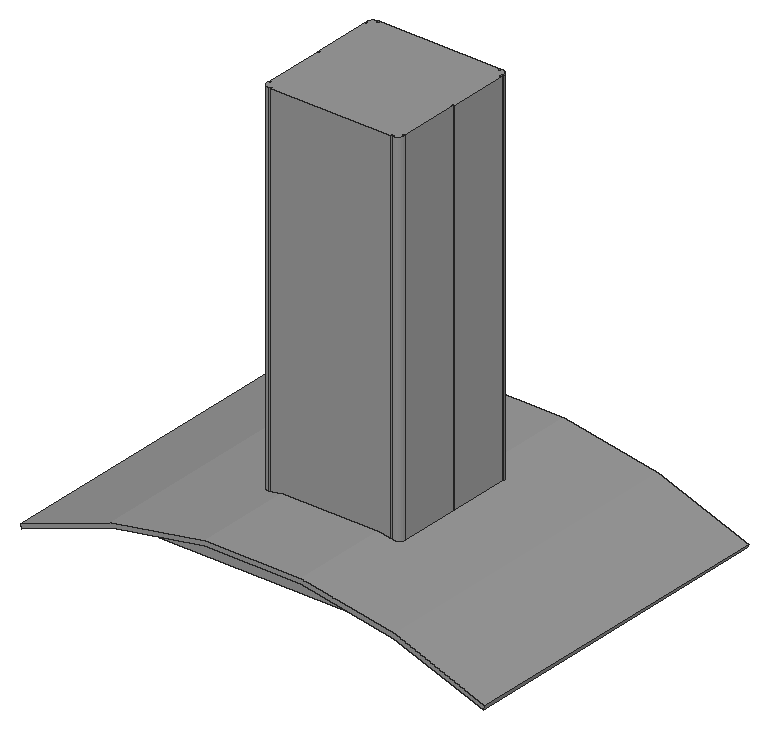
Revit family "Island_rangehood_ceiling_mounted_18171", category Специальное оборудование, Revit 2016
Family settings
  Тип детали = Нормальный
  Размер круглого соединителя = Использовать диаметр
  Номер OmniClass = 23.40.00.00
  Заголовок OmniClass = Equipment and Furnishings
  На основе рабочей плоскости = Да
  Всегда вертикально = Да
  При загрузке вырезать с полостями = Нет
  Общий = Нет
  Точка расчета площади = Нет
Parameters
  Default Elevation = 4' - 0"
  hood top to ceiling = 8' - 0"
  hood = 5' - 6"
Reference planes (in)
  plane 1 "Center (Front/Back)": y = 0
  plane 2: z = 0
  plane 3 "Center (Left/Right)": x = 0
  plane 4 "bot of hood": z = 66
Forms (in)
  Extrusion 1, solid, material "Stainless Steel AISI 304"
    sketch origin (0, 0, 66) x (-1, 0, 0) y (0, -1, 0)
      loop
        line (4.375, -5) -> (4.375, -4.875) -> (4.5, -4.875) -> (4.5, -5)
        arc (4.5, -5) -> (4.85355, -4.85355) -> (5, -4.5) r 0.5
        line (5, -4.5) -> (4.875, -4.5) -> (4.875, -4.375) -> (5, -4.375) -> (5, -0.0625) -> (4.875, -0.0625) -> (4.875, 0.0625) -> (5, 0.0625) -> (5, 4.375) -> (4.875, 4.375) -> (4.875, 4.5) -> (5, 4.5)
        arc (5, 4.5) -> (4.85355, 4.85355) -> (4.5, 5) r 0.5
        line (4.5, 5) -> (4.5, 4.875) -> (4.375, 4.875) -> (4.375, 5) -> (-4.375, 5) -> (-4.375, 4.875) -> (-4.5, 4.875) -> (-4.5, 5)
        arc (-4.5, 5) -> (-4.85355, 4.85355) -> (-5, 4.5) r 0.5
        line (-5, 4.5) -> (-4.875, 4.5) -> (-4.875, 4.375) -> (-5, 4.375) -> (-5, 0.0625) -> (-4.875, 0.0625) -> (-4.875, -0.0625) -> (-5, -0.0625) -> (-5, -4.375) -> (-4.875, -4.375) -> (-4.875, -4.5) -> (-5, -4.5)
        arc (-5, -4.5) -> (-4.85355, -4.85355) -> (-4.5, -5) r 0.5
        line (-4.5, -5) -> (-4.5, -4.875) -> (-4.375, -4.875) -> (-4.375, -5) -> (4.375, -5)
    from 3.2984 to 30
  Sweep 2, solid, material "Glass, Clear Glazing(1)"
    path origin (0, 0, 0) x (1, 0, 0) y (0, 1, 0)
      loop
        line (0, 11.89166) -> (0, -12.10834)
    profile origin (0, -0.10834, 0) x (1, 0, 0) y (0, 0, 1)
      loop
        arc (-16.83942, 66) -> (0, 69.69549) -> (16.83942, 66) r 40.21424
        line (16.83942, 66) -> (16.97028, 66.28378)
        arc (16.97028, 66.28378) -> (0, 70.00799) -> (-16.97028, 66.28378) r 40.52674
        line (-16.97028, 66.28378) -> (-16.83942, 66)
  Sweep 3, solid, material "Stainless Steel AISI 304"
    path origin (0, 0, 0) x (1, 0, 0) y (0, 1, 0)
      loop
        line (0, 8.74308) -> (0, -8.75)
    profile origin (0, -0.00346, 0) x (1, 0, 0) y (0, 0, 1)
      loop
        line (-9.5, 66.5) -> (9.5, 66.5) -> (10.12438, 68.40017)
        arc (10.12438, 68.40017) -> (0, 69.69549) -> (-10.12438, 68.40017) r 40.21424
        line (-10.12438, 68.40017) -> (-9.5, 66.5)
  Sweep 4, void
    path origin (0, 0, 0) x (1, 0, 0) y (0, 0, 1)
      loop
        line (0, 66.5) -> (0, 67.25)
    profile origin (0, 0, 66.875) x (-1, 0, 0) y (0, -1, 0)
      loop
        line (9, -8.24308) -> (9, 8.25) -> (-9, 8.25) -> (-9, -8.24308) -> (9, -8.24308)
  Sweep 5, solid, material "Glass, Matte"
    path origin (0, 0, 0) x (1, 0, 0) y (0, 1, 0)
      loop
        line (-5.75, -8.75) -> (-5.75, -9)
    profile origin (-5.75, -8.875, 0) x (1, 0, 0) y (0, 0, 1)
      loop
        line (8.25, 67.88564) -> (8.25, 67.38564) -> (8.75, 67.38564) -> (8.75, 67.88564) -> (8.25, 67.88564)
      loop
        line (7.31383, 67.88564) -> (7.31383, 67.38564) -> (7.81383, 67.38564) -> (7.81383, 67.88564) -> (7.31383, 67.88564)
  Sweep 6, solid, material "Plaster"
    path origin (0, 0, -0.25) x (1, 0, 0) y (0, 0, 1)
      loop
        line (-0.88853, 67.25) -> (-0.88853, 66.75)
    profile origin (-0.88853, 0, 66.75) x (0, -1, 0) y (1, 0, 0)
      loop
        line (-7.99308, -5.11147) -> (8, -5.11147) -> (8, 6.88853) -> (-7.99308, 6.88853) -> (-7.99308, -5.11147)
  Sweep 7, solid, material "Glass, Frosted, High Luminance"
    path origin (0, 0, 0) x (1, 0, 0) y (0, 0, 1)
      loop
        line (-7.5, 66.5) -> (-7.5, 66.75)
    profile origin (-7.5, 0, 66.625) x (-1, 0, 0) y (0, -1, 0)
      loop
        circle (0, -6.55978) r 0.75
      loop
        circle (0, 6.55978) r 0.75
      loop
        circle (-15, 6.55978) r 0.75
      loop
        circle (-15, -6.55978) r 0.75
  Sweep 8, solid, material "Stainless Steel AISI 304"
    path origin (0, 0, 0) x (1, 0, 0) y (0, 0, 1)
      loop
        line (-8.61107, 66.5) -> (-8.61107, 67.25)
    profile origin (-8.61107, 0, 66.875) x (-1, 0, 0) y (0, -1, 0)
      loop
        line (0.13893, -7.99308) -> (0.13893, 8) -> (-2.36107, 8) -> (-2.36107, -7.99308) -> (0.13893, -7.99308)
      loop
        circle (-1.11107, -6.55978) r 0.91196
      loop
        circle (-1.11107, 6.55978) r 0.91196
  Sweep 9, solid, material "Stainless Steel AISI 304"
    path origin (0, 0, 0) x (-1, 0, 0) y (0, 0, 1)
      loop
        line (-8.61107, 66.5) -> (-8.61107, 67.25)
    profile origin (8.61107, 0, 66.875) x (-1, 0, 0) y (0, -1, 0)
      loop
        line (-0.13893, -7.99308) -> (2.36107, -7.99308) -> (2.36107, 8) -> (-0.13893, 8) -> (-0.13893, -7.99308)
      loop
        circle (1.11107, -6.55978) r 0.91196
      loop
        circle (1.11107, 6.55978) r 0.91196
  Sweep 10, solid, material "Stainless Steel AISI 304"
    path origin (0, 0, 0) x (1, 0, 0) y (0, 1, 0)
      loop
        line (9.43282, 0.0623) -> (9.43282, -0.0623)
    profile origin (9.43282, 0, 0) x (1, 0, 0) y (0, 0, 1)
      loop
        line (-19.5572, 68.40017) -> (-18.93282, 66.5) -> (-18.43282, 66.5) -> (-18.43282, 66.625) -> (-18.84231, 66.625) -> (-19.43844, 68.43919) -> (-19.5572, 68.40017)
      loop
        line (0.69157, 68.40017) -> (0.57281, 68.43919) -> (-0.02332, 66.625) -> (-0.43282, 66.625) -> (-0.43282, 66.5) -> (0.06718, 66.5) -> (0.69157, 68.40017)
  Sweep 11, solid, material "Glass, Matte"
    path origin (0, 0, 0) x (-1, 0, 0) y (0, 1, 0)
      loop
        line (-5.75, -8.75) -> (-5.75, -9)
    profile origin (5.75, -8.875, 0) x (1, 0, 0) y (0, 0, 1)
      loop
        line (-8.75, 67.88564) -> (-8.75, 67.38564) -> (-4.65969, 67.38564) -> (-4.65969, 67.88564) -> (-8.75, 67.88564)
Cuts and joins
  Sweep 4 cuts Sweep 3
  Sweep 4 cuts Sweep 2
Lines and regions (in)
  reference lines
    curve 1: arc (-16.83942, 0, 66) -> (0, 0, 69.69549) -> (16.83942, 0, 66) r 40.21424
Dimensions and locks (in)
  locked: Sweep 3 to plane 4 "bot of hood" at 0.5
  locked: Extrusion 1 to plane 4 "bot of hood" at 3.2984
  "hood": plane 4 "bot of hood" to level
  locked: plane 3 "Center (Left/Right)" to curve 1 at 16.83942
  locked: curve 1 to plane 3 "Center (Left/Right)" at 16.83942
  locked: curve 1 to plane 4 "bot of hood" at 3.69549
  locked: Sweep 2 sketch curve to Sweep 2 sketch curve at 0.3125
  "hood top to ceiling": Extrusion 1 to level
  aligned and locked: level to plane 2
  aligned and locked: Sweep 2 sketch curve to curve 1
Automatic sketch dimensions
  plane 3 "Center (Left/Right)" to Extrusion 1 sketch curve = 0' - 5"  (x2)
  Extrusion 1 sketch curve to Extrusion 1 sketch curve = 0' - 0"  (x4)
  Extrusion 1 sketch curve to plane 1 "Center (Front/Back)" = 0' - 0 1/16"  (x2)
  Extrusion 1 sketch curve to Extrusion 1 sketch curve = 0' - 0 1/8"  (x19)
  Extrusion 1 sketch curve to Extrusion 1 sketch curve = 0' - 0 3/8"  (x5)
  Extrusion 1 sketch curve to plane 3 "Center (Left/Right)" = 0' - 4 3/8"  (x2)
  plane 1 "Center (Front/Back)" to Extrusion 1 sketch curve = 0' - 0 1/16"  (x2)
  Extrusion 1 sketch curve to Extrusion 1 sketch curve = 0' - 4 5/16"  (x4)
  Sweep 2 sketch curve to plane 3 "Center (Left/Right)" = 0' - 0"
  plane 1 "Center (Front/Back)" to Sweep 2 sketch curve = 1' - 0.10834"
  Sweep 2 sketch curve to plane 1 "Center (Front/Back)" = 0' - 11.89166"
  Sweep 2 sketch curve to Sweep 2 sketch curve = 0' - 0"  (x2)
  profile plane to Sweep 2 sketch curve = 1' - 4.83942"
  Sweep 2 sketch curve to Sweep 2 sketch curve = 0' - 0.13086"  (x2)
  Sweep 2 sketch curve to profile plane = 1' - 4.83942"
  Sweep 3 sketch curve to plane 3 "Center (Left/Right)" = 0' - 0"
  plane 1 "Center (Front/Back)" to Sweep 3 sketch curve = 0' - 8 3/4"
  Sweep 3 sketch curve to plane 1 "Center (Front/Back)" = 0' - 8.74308"
  profile plane to Sweep 3 sketch curve = 0' - 0"
  profile plane to Sweep 3 sketch curve = 0' - 9 1/2"
  Sweep 3 sketch curve to Sweep 3 sketch curve = 0' - 0.62438"  (x2)
  Sweep 3 sketch curve to profile plane = 0' - 9 1/2"
  level to Sweep 3 sketch curve = 2' - 5.48126"
  Sweep 3 sketch curve to Sweep 3 sketch curve = 3' - 1.01874"
  Sweep 3 sketch curve to Sweep 3 sketch curve = 0' - 1.90017"
  curve 1 to plane 3 "Center (Left/Right)" = 0' - 0"
  curve 1 to plane 4 "bot of hood" = 0' - 0"
  Sweep 4 sketch curve to plane 3 "Center (Left/Right)" = 0' - 0"
  plane 4 "bot of hood" to Sweep 4 sketch curve = 0' - 0 1/2"
  Sweep 4 sketch curve to Sweep 4 sketch curve = 0' - 0 3/4"
  profile plane to Sweep 4 sketch curve = 0' - 9"
  Sweep 4 sketch curve to profile plane = 0' - 9"
  Sweep 4 sketch curve to plane 1 "Center (Front/Back)" = 0' - 8.24308"
  plane 1 "Center (Front/Back)" to Sweep 4 sketch curve = 0' - 8 1/4"
  Sweep 5 sketch curve to plane 3 "Center (Left/Right)" = 0' - 5 3/4"
  plane 1 "Center (Front/Back)" to Sweep 5 sketch curve = 0' - 9"
  Sweep 5 sketch curve to Sweep 5 sketch curve = 0' - 0 1/4"
  Sweep 5 sketch curve to profile plane = 0' - 7.31383"
  Sweep 5 sketch curve to Sweep 5 sketch curve = 0' - 0 1/2"  (x3)
  Sweep 5 sketch curve to Sweep 5 sketch curve = 0' - 0.43617"
  level to Sweep 5 sketch curve = 5' - 7.38564"
  Sweep 5 sketch curve to Sweep 5 sketch curve = 0' - 0"  (x2)
  Sweep 6 sketch curve to plane 3 "Center (Left/Right)" = 0' - 0.88853"
  plane 4 "bot of hood" to Sweep 6 sketch curve = 0' - 0 1/2"
  Sweep 6 sketch curve to Sweep 6 sketch curve = 0' - 0 1/2"
  Sweep 6 sketch curve to plane 1 "Center (Front/Back)" = 0' - 7.99308"
  plane 1 "Center (Front/Back)" to Sweep 6 sketch curve = 0' - 8"
  profile plane to Sweep 6 sketch curve = 0' - 5.11147"
  Sweep 6 sketch curve to profile plane = 0' - 6.88853"
  plane 4 "bot of hood" to Sweep 7 sketch curve = 0' - 0 3/4"
  Sweep 7 sketch curve to plane 3 "Center (Left/Right)" = 0' - 7 1/2"
  Sweep 7 sketch curve to Sweep 7 sketch curve = 0' - 0 1/4"
  Sweep 7 sketch curve to profile plane = 0' - 0"  (x2)
  Sweep 7 sketch curve to plane 1 "Center (Front/Back)" = 0' - 6.55978"  (x2)
  profile plane to Sweep 7 sketch curve = 1' - 3"
  Sweep 7 sketch curve to Sweep 7 sketch curve = 0' - 0"
  plane 1 "Center (Front/Back)" to Sweep 7 sketch curve = 0' - 6.55978"  (x2)
  plane 4 "bot of hood" to Sweep 8 sketch curve = 0' - 1 1/4"
  Sweep 8 sketch curve to plane 3 "Center (Left/Right)" = 0' - 8.61107"
  plane 4 "bot of hood" to Sweep 8 sketch curve = 0' - 0 1/2"
  profile plane to Sweep 8 sketch curve = 0' - 2.36107"
  profile plane to Sweep 8 sketch curve = 0' - 1.11107"  (x2)
  Sweep 8 sketch curve to profile plane = 0' - 0.13893"
  Sweep 8 sketch curve to plane 1 "Center (Front/Back)" = 0' - 7.99308"
  Sweep 8 sketch curve to Sweep 8 sketch curve = 0' - 1.4333"
  plane 1 "Center (Front/Back)" to Sweep 8 sketch curve = 0' - 6.55978"
  Sweep 8 sketch curve to Sweep 8 sketch curve = 0' - 1.44022"
  Sweep 9 sketch curve to plane 4 "bot of hood" = 0' - 1 1/4"
  Sweep 9 sketch curve to plane 3 "Center (Left/Right)" = 0' - 8.61107"
  Sweep 9 sketch curve to plane 4 "bot of hood" = 0' - 0 1/2"
  profile plane to Sweep 9 sketch curve = 0' - 0.13893"
  Sweep 9 sketch curve to profile plane = 0' - 1.11107"  (x2)
  Sweep 9 sketch curve to Sweep 9 sketch curve = 0' - 1 1/4"
  Sweep 9 sketch curve to plane 1 "Center (Front/Back)" = 0' - 7.99308"
  Sweep 9 sketch curve to Sweep 9 sketch curve = 0' - 1.4333"
  plane 1 "Center (Front/Back)" to Sweep 9 sketch curve = 0' - 6.55978"
  Sweep 9 sketch curve to Sweep 9 sketch curve = 0' - 1.44022"
  plane 1 "Center (Front/Back)" to Sweep 10 sketch curve = 0' - 0.0623"
  plane 3 "Center (Left/Right)" to Sweep 10 sketch curve = 0' - 9.43282"
  Sweep 10 sketch curve to plane 1 "Center (Front/Back)" = 0' - 0.0623"
  profile plane to Sweep 10 sketch curve = 1' - 7.5572"
  Sweep 10 sketch curve to Sweep 10 sketch curve = 0' - 0.11875"  (x2)
  Sweep 10 sketch curve to Sweep 10 sketch curve = 0' - 0.62438"
  Sweep 10 sketch curve to Sweep 10 sketch curve = 0' - 0.0905"
  Sweep 10 sketch curve to Sweep 10 sketch curve = 0' - 0.4095"
  profile plane to Sweep 10 sketch curve = 0' - 0.43282"
  profile plane to Sweep 10 sketch curve = 0' - 0.02332"
  Sweep 10 sketch curve to profile plane = 0' - 0.06718"
  Sweep 10 sketch curve to profile plane = 0' - 0.57281"
  level to Sweep 10 sketch curve = 5' - 6 1/2"
  Sweep 10 sketch curve to Sweep 10 sketch curve = 0' - 0"
  Sweep 10 sketch curve to Sweep 10 sketch curve = 0' - 0 1/8"  (x2)
  Sweep 11 sketch curve to plane 3 "Center (Left/Right)" = 0' - 5 3/4"
  Sweep 11 sketch curve to plane 1 "Center (Front/Back)" = 0' - 9"
  Sweep 11 sketch curve to Sweep 11 sketch curve = 0' - 0 1/4"
  Sweep 11 sketch curve to Sweep 11 sketch curve = 0' - 4.09031"
  level to Sweep 11 sketch curve = 5' - 7.38564"
  profile plane to Sweep 11 sketch curve = 0' - 8 3/4"
  Sweep 11 sketch curve to Sweep 11 sketch curve = 0' - 0 1/2"
  radius of Sweep 7 sketch curve = 0' - 0 3/4"  (x4)
  radius of Sweep 8 sketch curve = 0' - 0.91196"  (x2)
  radius of Sweep 9 sketch curve = 0' - 0.91196"  (x2)
Nested families (in)
  nested 1: "hood Light" at (0, 0, -30), type "120V", not visible
Definition of nested family "hood Light"
  Parameters
    Wattage Comments = "100"
    Wattage = 100 W
    built-in parameter 1150110 = 1 (stored number, unit not read)
    built-in parameter 1114217 = 1 (stored number, unit not read)
    Tilt Angle = 60.00°
    built-in parameter 1150109 = 1 (stored number, unit not read)
    built-in parameter 1150134 = 12
    built-in parameter 1150113 = 1 (stored number, unit not read)
    built-in parameter 1010507 = 1.5708 (stored number, unit not read)
    built-in parameter 1010506 = 0.5236 (stored number, unit not read)
    built-in parameter 1150115 = 1 (stored number, unit not read)
    built-in parameter 1150105 = 23772.8 (stored number, unit not read)
    Light Source Symbol Length = 10' - 0"
    built-in parameter 1150137 = 1
    built-in parameter 1150139 = (empty or 0)
    built-in parameter 1150112 = 1 (stored number, unit not read)
    built-in parameter 1150114 = 1 (stored number, unit not read)
    built-in parameter 1150132 = (empty or 0)
    built-in parameter 1150102 = (empty or 0)
    built-in parameter 1150138 = (empty or 0)
    built-in parameter 1150107 = 4000 (stored number, unit not read)
    built-in parameter 1150106 = 237.73 (stored number, unit not read)
    Emit from Circle Diameter = 2' - 0"
    Emit Shape Visible in Rendering = no
    built-in parameter 1150104 = 6.6054 (stored number, unit not read)
    Dimming Lamp Color Temperature Shift = (empty or 0)
    Default Height = 8' - 0"
    Lumens = 7110 lm
    Color Filter = 16777215
    Ballast Voltage = 277 V
    Ballast Number of Poles = 1
    built-in parameter 1114218 = 1 (stored number, unit not read)
    built-in parameter 1150133 = 10 (stored number, unit not read)
    Apparent Load = 100 VA
  Reference planes (in)
    plane 1 "Light Source Axis": y = 0
    plane 2: z = 0
    plane 3 "Light Source Axis": x = 0
    plane 4 "Light Source Elevation": z = 96
    plane 5: z = 96.5
  Lines and regions (in)
    model lines
      curve 1: arc (10.17718, 0, 96) -> (0.17718, 0, 106) -> (-9.82282, 0, 96) r 10
      curve 2: arc (-9.82282, 0, 96) -> (0.17718, 0, 86) -> (10.17718, 0, 96) r 10
      curve 3: arc (0, 12, 96) -> (0, 0, 108) -> (0, -12, 96) r 12
      curve 4: arc (0, -12, 96) -> (0, 0, 84) -> (0, 12, 96) r 12
    symbolic lines
      curve 5: arc (12, 0, 96) -> (0, -12, 96) -> (-12, 0, 96) r 12
      curve 6: arc (-12, 0, 96) -> (0, 12, 96) -> (12, 0, 96) r 12
  Dimensions and locks (in)
    "Default Height": plane 2 to plane 4 "Light Source Elevation"
    plane 5 to plane 4 "Light Source Elevation" = 0' - 0 1/2"
    aligned and locked: plane 1 "Light Source Axis" to imposter light
    aligned and locked: plane 1 "Light Source Axis" to curve 6
    aligned and locked: plane 3 "Light Source Axis" to curve 6
  Automatic sketch dimensions
    curve 2 to plane 3 "Light Source Axis" = 0' - 9.82282"
    plane 3 "Light Source Axis" to curve 2 = 0' - 0.17718"
    curve 1 to curve 2 = 0' - 0"
    curve 1 to plane 4 "Light Source Elevation" = 0' - 0"
    curve 3 to curve 4 = 0' - 0"  (x2)
    plane 4 "Light Source Elevation" to curve 4 = 0' - 0"
    curve 4 to plane 1 "Light Source Axis" = 0' - 0"
    plane 1 "Light Source Axis" to curve 3 = 1' - 0"
    curve 5 to plane 3 "Light Source Axis" = 1' - 0"
